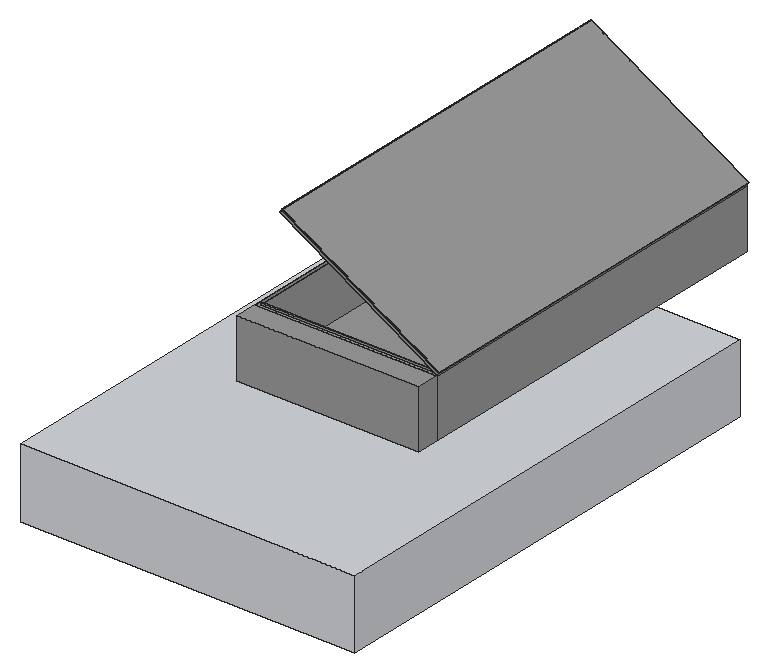
Revit family "Hager-Univers-IP55-D275-H1800-Cl.I-Steel_encl-NL-en", category Equipement électrique, Revit 2020
Family settings
  Hôte = Face
  Configuration du panneau = Deux colonnes, circuits au sein
  Cote de connecteur circulaire = Utiliser le diamètre
  Type d'élément = Tableau de raccordement
  Couper avec des vides une fois chargée = Non
  Partagée = Non
  Point de calcul de pièce = Non
Parameters (values of type "Floor installation IP55 W800 H1800 D275  - FR13E1")
  Width Control [instance] = if([EF000008 - Width] > Min Width, [EF000008 - Width], Min Width)  # 800 mm
  Commentaires du type = [HG000003 - Range]  # "Univers"
  Thickness Door [instance] = if([EF009171 - Material plate thickness door/cover] > 3 mm, 3 mm, [EF009171 - Material plate thickness door/cover])  # 1.5 mm
  Seal Frame Offset [instance] = 17 mm  # constant formula
  Plinth Visibility [instance] = [HG000027 - Plinth height] > 0 mm  # yes
  Model = ""
  Min Width [instance] = 100 mm  # constant formula
  Min Height [instance] = 100 mm  # constant formula
  Min Depth [instance] = (2 * [EF009170 - Material plate thickness cabinet]) + 1 mm  # 4 mm
  Internal Frame Depth [instance] = (Door System Depth * 0.5)  # 9 mm
  Height Control [instance] = if([EF000040 - Height] > Min Height, [EF000040 - Height], Min Height)  # 1800 mm
  HG000027 - Plinth height = 100 mm
  HG000026 - Floor standing = yes
  HG000024 - Bottom section height = 800 mm
  HG000023 - Double section enclosure = no
  HG000016 - Door 3d visibility [instance] = yes
  HG000015 - Clearance visibility [instance] = no
  HG000014 - Door on the right [instance] = yes
  HG000013 - Door on the left [instance] = not([HG000014 - Door on the right])  # no
  HG000012 - Door swing angle [instance] = 30.00°
  HG000010 - Asymmetric doors = no
  HG000009 - Double swing door = no
  HG000006 - Flush mounted = no
  HG000004 - Manufacturer reference = "FR13E1"
  HG000003 - Range = "Univers"
  HG000002 - With door or cover = yes
  Frame Offset Bottom [instance] = 10 mm  # constant formula
  Frame Offset [instance] = 15 mm  # constant formula
  EF015940 - Cover with overpressure release = no
  EF011959 - Degree of protection (NEMA) = ""
  EF009554 - Number of openings for flange plates = 6
  EF009212 - Cover model = "EV000116 - Closed"
  EF009171 - Material plate thickness door/cover = 1.5 mm
  EF009170 - Material plate thickness cabinet = 1.5 mm
  Fabricant = "Hager"  # constant formula
  EF008873 - Nominal current (In) = 800 A
  EF007800 - Suitable for lightning protection = no
  EF006306 - With lock = no
  EF006244 - Transparent cover/door = no
  EF005474 - Degree of protection (IP) = "EV006420 - IP55"
  EF004464 - Type of door = "EV002646 - Single"
  EF004427 - Number of modules = 396
  EF004293 - Impact strength = "EV008784 - IK10"
  EF003532 - Suitable for outdoor use = no
  EF002950 - Width in number of modular spacings = 24
  EF001613 - Circuit integrity = "EV000494 - None"
  EF001596 - Material housing = "EV000179 - Steel"
  EF001131 - Internal depth = 275 mm
  EF001088 - Extension possible = yes
  EF000437 - Number of conduit inlets = 6
  EF000339 - Type of cover = "EV004216 - Door"
  EF000266 - Number of rows = 11
  EF000218 - Built-in depth = 0 mm
  EF000118 - With mounting plate = no
  EF000116 - RAL-number = "7035"
  EF000049 - Depth = 275 mm
  EF000040 - Height = 1800 mm
  EF000008 - Width = 800 mm
  EF000007 - Colour = "EV000270 - Grey"
  EF000003 - Mounting method = "EV012274 - Floor installation"
  Door System Leaf Tolerance [instance] = 1.5 mm  # constant formula
  Door System Depth [instance] = 18 mm  # constant formula
  Door Height [instance] = Height Control - [HG000027 - Plinth height]  # 1700 mm
  Depth Control [instance] = if([EF000049 - Depth] > Min Depth, [EF000049 - Depth], Min Depth)  # 275 mm
  Default Elevation = 0 mm
  Connector Offset [instance] = Height Control / 2  # 900 mm
  Bottom Top Plate Trim [instance] = 1.5 mm  # constant formula
  Plinth height Ctrl [instance] = if([HG000027 - Plinth height] > 0 mm, [HG000027 - Plinth height], 12 mm)  # 100 mm
Types (5, lengths in mm): name | Width Control | HG000010 - Asymmetric doors | HG000009 - Double swing door | HG000004 - Manufacturer reference | EF009554 - Number of openings for flange plates | EF004464 - Type of door | EF004427 - Number of modules | EF000437 - Number of conduit inlets | EF000008 - Width
  Floor installation IP55 W1050 H1800 D275  - FR14E1 | 1050 | yes | yes | "FR14E1" | 8 | "EV003602 - Double" | 528 | 8 | 1050
  Floor installation IP55 W1300 H1800 D275  - FR15E1 | 1300 | yes | yes | "FR15E1" | 10 | "EV003602 - Double" | 660 | 10 | 1300
  Floor installation IP55 W300 H1800 D275  - FR11E1 | 300 | no | no | "FR11E1" | 2 | "EV002646 - Single" | 132 | 2 | 300
  Floor installation IP55 W550 H1800 D275  - FR12E1 | 550 | no | no | "FR12E1" | 4 | "EV002646 - Single" | 264 | 4 | 550
  Floor installation IP55 W800 H1800 D275  - FR13E1 | 800 | no | no | "FR13E1" | 6 | "EV002646 - Single" | 396 | 6 | 800
Reference planes
  plane 1 "Center (Front/Back)": y = 0
  plane 2: z = 0
  plane 3 "Center (Left/Right)": x = 0
  plane 4: z = 275
  plane 5: y = 101.5
  plane 6: y = 950
  plane 7: y = 100
  plane 8: y = 1800
  plane 9: z = 0
  plane 10: x = -385
  plane 11: x = 385
  plane 12: x = 383.5
  plane 13: x = -383.5
  plane 14: y = 1798.5
  plane 15: x = -383
  plane 16: x = -400
  plane 17: x = 383
  plane 18: x = 400
  plane 19: x = 398.5
  plane 20: x = -398.5
  plane 21: y = 111.5
  plane 22: y = 1800
  plane 23: y = 1783.5
  plane 24: z = 257
  plane 25: z = 1.5
  plane 26: z = 255.5
  plane 27: z = 273.5
Forms (mm)
  Extrusion 1, solid
    sketch origin (0, 0, 0) x (1, 0, 0) y (0, 1, 0)
      loop
        line (-702.964, 1305) -> (-702.964, -811.445) -> (766.763, -811.445) -> (766.763, 1305) -> (-702.964, 1305)
    from 0 to -304.8
  Extrusion 2, solid, material "Hager_Steel_RAL7035_Light_Grey", visible <- "Plinth Visibility", detail levels medium+fine
    sketch origin (0, 0, 0) x (1, 0, 0) y (0, 1, 0)
      loop
        line (-400, 0) -> (400, 0) -> (400, 100) -> (-400, 100) -> (-400, 0)
    from 0 to 257
  Extrusion 3, solid, material "Hager_Steel_RAL7035_Light_Grey", detail levels medium+fine
    sketch origin (0, 0, 0) x (1, 0, 0) y (0, 1, 0)
      loop
        line (-400, 100) -> (400, 100) -> (400, 1800) -> (-400, 1800) -> (-400, 100)
    from 0 to 257
  Extrusion 4, void
    sketch origin (0, 0, 0) x (1, 0, 0) y (0, 1, 0)
      loop
        line (-398.5, 101.5) -> (398.5, 101.5) -> (398.5, 1798.5) -> (-398.5, 1798.5) -> (-398.5, 101.5)
    from 1.5 to 255.5
  Extrusion 5, void
    sketch origin (-381.607, -4572, 257) x (0, -1, 0) y (-1, 0, 0)
      loop
        line (-4683.5, 1.893) -> (-6355.5, 1.893) -> (-6355.5, -765.107) -> (-4683.5, -765.107) -> (-4683.5, 1.893)
    from 0 to 1.5 <- "EF009170 - Material plate thickness cabinet"
  Extrusion 6, solid, material "Hager_Steel_RAL7035_Light_Grey", detail levels fine
    sketch origin (0, 0, 257) x (1, 0, 0) y (0, 1, 0)
      loop
        line (-383.5, 1783.5) -> (-383.5, 111.5) -> (383.5, 111.5) -> (383.5, 1783.5) -> (-383.5, 1783.5)
      loop
        line (-385, 110) -> (385, 110) -> (385, 1785) -> (-385, 1785) -> (-385, 110)
    from 0 to 9 <- "Internal Frame Depth"
  Extrusion 7, solid, material "Hager_Steel_RAL7035_Light_Grey", detail levels coarse
    sketch origin (0, 0, 0) x (1, 0, 0) y (0, 1, 0)
      loop
        line (-400, 0) -> (400, 0) -> (400, 1800) -> (-400, 1800) -> (-400, 0)
    from 0 to 275
  Sweep 8, void
    path in 3D
      loop
        line (-400, 100, 0) -> (400, 100, 0) -> (400, 100, 257) -> (-400, 100, 257) -> (-400, 100, 0)
    profile origin (-400, 100, 128.5) x (-1, 0, 0) y (0, -1, 0)
      loop
        line (0, 0) -> (0, 1.5) -> (-1.5, 1.5)
        arc (-1.5, 1.5) -> (-1.061, 0.439) -> (0, 0) r 1.5
Cuts and joins
  Extrusion 4, Extrusion 5 cuts Extrusion 3
  Sweep 8 cuts Extrusion 2
Lines and regions (mm)
  Masking region 1
    outline origin (0, 0, 0) x (1, 0, 0) y (0, 0, 1)
      loop
        line (-400, 275) -> (-400, 0) -> (400, 0) -> (400, 275) -> (-400, 275)
  Masking region 2, detail levels medium+fine
    outline origin (0, 140, 0) x (0, 1, 0) y (0, 0, 1)
      loop
        line (-40, 0) -> (1660, 0) -> (1660, 257) -> (-40, 257) -> (-40, 0)
  Masking region 3, not visible, detail levels medium+fine
    outline origin (0, 297.922, 0) x (0, 1, 0) y (0, 0, 1)
      loop
        line (663.578, 0) -> (703.578, 0) -> (703.578, 263.5)
        arc (703.578, 263.5) -> (700.649, 270.571) -> (693.578, 273.5) r 10
        line (693.578, 273.5) -> (663.578, 273.5) -> (663.578, 0)
  Masking region 4, detail levels coarse
    outline origin (0, 0, 180) x (0, 1, 0) y (0, 0, 1)
      loop
        line (0, -180) -> (1800, -180) -> (1800, 95) -> (0, 95) -> (0, -180)
  Masking region 5, visible <- "Plinth Visibility", detail levels medium+fine
    outline origin (0, 52.24, 12.345) x (0, 0, -1) y (0, 1, 0)
      loop
        line (10.845, 47.76) -> (-243.155, 47.76)
        arc (-243.155, 47.76) -> (-243.594, 46.699) -> (-244.655, 46.26) r 1.5
        line (-244.655, 46.26) -> (-244.655, -52.24) -> (12.345, -52.24) -> (12.345, 46.26)
        arc (12.345, 46.26) -> (11.285, 46.699) -> (10.845, 47.76) r 1.5
  Masking region 6, detail levels medium+fine
    outline origin (-381.607, -4572, 257) x (-1, 0, 0) y (0, -1, 0)
      loop
        line (18.393, -6372) -> (18.393, -4672) -> (-781.607, -4672) -> (-781.607, -6372) -> (18.393, -6372)
  Masking region 7, visible <- "Plinth Visibility", detail levels medium+fine
    outline origin (-381.607, -4727, 257) x (-1, 0, 0) y (0, -1, 0)
      loop
        arc (16.893, -4827) -> (17.332, -4825.939) -> (18.393, -4825.5) r 1.5
        line (18.393, -4825.5) -> (18.393, -4727) -> (-781.607, -4727) -> (-781.607, -4825.5)
        arc (-781.607, -4825.5) -> (-780.546, -4825.939) -> (-780.107, -4827) r 1.5
        line (-780.107, -4827) -> (16.893, -4827)
  Masking region 8, detail levels coarse
    outline origin (-442.548, -4669.526, 257) x (-1, 0, 0) y (0, -1, 0)
      loop
        line (-42.548, -6469.526) -> (-42.548, -4669.526) -> (-842.548, -4669.526) -> (-842.548, -6469.526) -> (-42.548, -6469.526)
  sketch lines
    curve 1: line (-400, 100, 257) -> (-400, 100, 0)
    curve 2: line (400, 100, 257) -> (-400, 100, 257)
    curve 3: line (400, 100, 257) -> (400, 100, 0)
    curve 4: line (-400, 100, 0) -> (400, 100, 0)
Dimensions and locks
  "Depth Control": plane 4 to Extrusion 1
  "HG000027 - Plinth height": plane 1 "Center (Front/Back)" to plane 7
  "EF009170 - Material plate thickness cabinet": plane 5 to plane 7
  locked: connector elem to plane 3 "Center (Left/Right)"
  equal spacing: plane 8, plane 6, plane 7
  locked: connector elem to plane 6
  "EF009170 - Material plate thickness cabinet": plane 8 to plane 14
  "EF009170 - Material plate thickness cabinet": plane 10 to plane 13
  "EF009170 - Material plate thickness cabinet": plane 12 to plane 11
  "Frame Offset": plane 20 to plane 13
  "Frame Offset": plane 12 to plane 19
  "EF009170 - Material plate thickness cabinet": plane 16 to plane 20
  "EF009170 - Material plate thickness cabinet": plane 19 to plane 18
  "Seal Frame Offset": plane 16 to plane 15
  "Seal Frame Offset": plane 17 to plane 18
  "Frame Offset Bottom": plane 21 to plane 5
  "Frame Offset": plane 14 to plane 23
  equal spacing: plane 16, plane 3 "Center (Left/Right)", plane 18
  "Width Control": plane 16 to plane 18
  "EF009170 - Material plate thickness cabinet": plane 4 to plane 27
  "EF009170 - Material plate thickness cabinet": plane 24 to plane 26
  "EF009170 - Material plate thickness cabinet": plane 25 to level
  "Door System Depth": plane 4 to plane 24
  "Height Control": plane 1 "Center (Front/Back)" to Extrusion 7 sketch curve
  "Height Control": Masking region 4 sketch curve to plane 1 "Center (Front/Back)"
  "Height Control": plane 1 "Center (Front/Back)" to plane 22
  "Bottom Top Plate Trim": profile plane to Sweep 8 sketch curve
  "Bottom Top Plate Trim": Sweep 8 sketch curve to profile plane
  "Plinth height Ctrl": plane 1 "Center (Front/Back)" to Extrusion 2 sketch curve
  "Plinth height Ctrl": Masking region 5 sketch curve to plane 1 "Center (Front/Back)"
  "Plinth height Ctrl": plane 1 "Center (Front/Back)" to Masking region 7 sketch curve
  "Thickness Door": Extrusion 6 sketch curve to Extrusion 6 sketch curve  (x3)
  "Thickness Door": cut or joined group of Extrusion 3, Extrusion 4, Extrusion 5 to Extrusion 6 sketch curve
  radius of Masking region 3 sketch curve = 10 mm
  "Bottom Top Plate Trim": radius of Masking region 5 sketch curve  (x2)
  "Bottom Top Plate Trim": radius of Sweep 8 sketch curve
  "Bottom Top Plate Trim": radius of Masking region 7 sketch curve  (x2)
  aligned and locked: plane 2 to Extrusion 1
  aligned and locked: level to Extrusion 1
  aligned and locked: level to Masking region 1 sketch curve
  aligned and locked: Masking region 1 sketch curve to plane 18
  aligned and locked: Masking region 1 sketch curve to plane 16
  aligned and locked: plane 7 to Masking region 2 sketch curve
  aligned and locked: level to Masking region 3 sketch curve
  aligned and locked: Masking region 3 sketch curve to plane 27
  aligned and locked: level to Masking region 2 sketch curve
  aligned and locked: plane 1 "Center (Front/Back)" to Extrusion 2 sketch curve
  aligned and locked: Extrusion 3 sketch curve to plane 7
  aligned and locked: plane 16 to Extrusion 3 sketch curve
  aligned and locked: plane 18 to Extrusion 3 sketch curve
  aligned and locked: plane 20 to Extrusion 4 sketch curve
  aligned and locked: plane 19 to Extrusion 4 sketch curve
  aligned and locked: Extrusion 4 sketch curve to plane 5
  aligned and locked: Extrusion 4 to plane 25
  aligned and locked: plane 26 to Extrusion 4
  aligned and locked: plane 24 to Extrusion 3
  aligned and locked: Extrusion 5 sketch curve to plane 21
  aligned and locked: Extrusion 5 sketch curve to plane 13
  aligned and locked: Extrusion 5 sketch curve to plane 12
  aligned and locked: plane 18 to Extrusion 7 sketch curve
  aligned and locked: plane 1 "Center (Front/Back)" to Extrusion 7 sketch curve
  aligned and locked: plane 16 to Extrusion 7 sketch curve
  aligned and locked: plane 4 to Extrusion 7
  aligned and locked: Extrusion 7 to level
  aligned and locked: level to Masking region 4 sketch curve
  aligned and locked: Masking region 4 sketch curve to plane 1 "Center (Front/Back)"
  aligned and locked: Masking region 4 sketch curve to plane 4
  aligned and locked: nested 1 to level
  aligned and locked: nested 1 to plane 16
  aligned and locked: plane 8 to Extrusion 3 sketch curve
  aligned and locked: plane 23 to Extrusion 5 sketch curve
  aligned and locked: plane 14 to Extrusion 4 sketch curve
  aligned and locked: Masking region 2 sketch curve to plane 8
  aligned and locked: level to Masking region 5 sketch curve
  aligned and locked: plane 16 to Extrusion 2 sketch curve
  aligned and locked: plane 18 to Extrusion 2 sketch curve
  aligned and locked: Masking region 5 sketch curve to plane 24
  aligned and locked: Masking region 2 sketch curve to plane 24
  aligned and locked: plane 24 to Extrusion 2
  aligned and locked: profile plane to Sweep 8 sketch curve  (x2)
  aligned and locked: Masking region 6 sketch curve to plane 18
  aligned and locked: Masking region 6 sketch curve to plane 22
  aligned and locked: Masking region 6 sketch curve to plane 16
  aligned and locked: plane 8 to plane 22
  aligned and locked: Masking region 6 sketch curve to plane 7
  aligned and locked: Masking region 7 sketch curve to plane 16
  aligned and locked: Masking region 7 sketch curve to plane 1 "Center (Front/Back)"
  aligned and locked: Masking region 7 sketch curve to plane 18
  aligned and locked: Masking region 8 sketch curve to plane 1 "Center (Front/Back)"
  aligned and locked: Masking region 8 sketch curve to plane 18
  aligned and locked: Masking region 8 sketch curve to plane 22
  aligned and locked: Masking region 8 sketch curve to plane 16
  aligned and locked: nested 2 to plane 7
  aligned and locked: plane 3 "Center (Left/Right)" to nested 2
  aligned and locked: nested 2 to plane 24
  aligned and locked: Extrusion 6 sketch curve to cut or joined group of Extrusion 3, Extrusion 4, Extrusion 5  (x4)
Automatic sketch dimensions
  Extrusion 1 sketch curve to Extrusion 1 sketch curve = 1469.727 mm
  Extrusion 1 sketch curve to Extrusion 1 sketch curve = 2116.445 mm
  Masking region 1 sketch curve to plane 4 = 0 mm
  plane 6 to Masking region 3 sketch curve = 11.5 mm
  Masking region 3 sketch curve to Masking region 3 sketch curve = 30 mm
  Masking region 5 sketch curve to plane 1 "Center (Front/Back)" = 0 mm
Nested families
  nested 1: "Hager_Enclosure_Symbol" at (-400, 0, 0) x (1, 0, 0) z (0, -1, 0), Height <- "Depth Control", Width <- "Width Control", type "Hager_Enclosure_Symbol"
    with Width_Ctrl 800 mm, Width 800 mm, Height_Ctrl 275 mm, Height 275 mm, A_Width_Int 18.047 mm, A_Width 216.562 mm, A_Height_Ctrl 240.625 mm, A_Height 240.625 mm
  nested 2: "EC000058_Univers_Door" at (0, 100, 257) x (1, 0, 0) z (0, 1, 0), Leaf_Tolerance <- "Door System Leaf Tolerance", Angle <- "HG000012 - Door swing angle", Door_Depth <- "Door System Depth", Door_Left <- "HG000013 - Door on the left", Transparent <- "EF006244 - Transparent cover/door", Assymetrical <- "HG000010 - Asymmetric doors", Width <- "Width Control", Clearance <- "HG000015 - Clearance visibility", Double <- "HG000009 - Double swing door", 3d_Door <- "HG000016 - Door 3d visibility", Lock_Visibility <- "EF006306 - With lock", Width_Ctrl <- "Width Control", Door_Right <- "HG000014 - Door on the right", Door <- "HG000002 - With door or cover", Height <- "Door Height", Thickness <- "Thickness Door", type "EC000058_Univers_Door", detail levels medium+fine
    with min_wh 4 mm, Width_Ctrl 800 mm, Width 800 mm, Transparent no, Thickness 1.5 mm, Seal_Material Hager_Rubber, Lock_Visibility no, Lock_Material Hager_Plastic_RAL9005_Jet_Black, Leaf_Width 800 mm, Leaf_Tolerance_External_Sides 0 mm, Leaf_Tolerance 1.5 mm, Leaf_Offset 0 mm, Leaf_Height 1697 mm, Leaf_2_Width 800 mm, Leaf_2_Offset 400 mm, Leaf_1_Width 800 mm, Leaf_1_Offset 400 mm, Height_Ctrl 1700 mm, Height 1700 mm, Glass_Material Hager_Glass, Double_Clearance_Ctrl no, Double no, Door_Right_Ctrl yes, Door_Right yes, Door_Material Hager_Steel_RAL7035_Light_Grey, Door_Left_Ctrl no, Door_Left no, Door_Depth 18 mm, Door yes, Clearance_Material Hager_Clearance, Clearance_Depth 800 mm, Clearance_Ctrl no, Clearance no, Assymetrical no, Angle 30.00°, 3d_Door yes
Connectors
  electrical at (0, 950, 0)
    settings: on plane 9, index 1, voltage 0 V, apparent load 0 VA, apparent load phase1 0 VA, apparent load phase2 0 VA, apparent load phase3 0 VA, power factor 1, load classification "Other", number of poles 1, system type 30, power factor state 1, is connector primary yes, connector utility no, sub classification motor no, connector description ""
Definition of nested family "EC000058_Univers_Door"
  Parameters (values of type "EC000058_Univers_Door")
    min_wh [instance] = (2 * Thickness) + 1 mm  # 11 mm
    Width_Ctrl [instance] = 400 mm
    Width [instance] = 500 mm
    Transparent [instance] = yes
    Thickness [instance] = 5 mm
    Seal_Material [instance] = none
    Lock_Visibility [instance] = yes
    Lock_Material [instance] = none
    Leaf_Width [instance] = if((Width_Ctrl - 2 * Leaf_Tolerance_External_Sides) > 0 mm, (Width_Ctrl - 2 * Leaf_Tolerance_External_Sides), min_wh)  # 400 mm
    Leaf_Tolerance_External_Sides [instance] = 0 mm  # constant formula
    Leaf_Tolerance [instance] = 1.5 mm
    Leaf_Offset [instance] = 0 mm  # constant formula
    Leaf_Height [instance] = if((Height_Ctrl - 2 * Leaf_Tolerance) > 0 mm, (Height_Ctrl - 2 * Leaf_Tolerance), min_wh)  # 497 mm
    Leaf_2_Width [instance] = if(and(and(Double, Assymetrical), Door_Left), (Leaf_Width / 3) - (Leaf_Tolerance / 2), if(and(and(Double, Assymetrical), Door_Right), (Leaf_Width / 3) * 2 - (Leaf_Tolerance / 2), if(and(Double, not(Assymetrical)), (Leaf_Width / 2) - Leaf_Tolerance, Leaf_Width)))  # 400 mm
    Leaf_2_Offset [instance] = if(and(Double, Assymetrical), Leaf_2_Width / 2, if(and(Double, not(Assymetrical)), Leaf_Width / 4, Leaf_Width / 2))  # 200 mm
    Leaf_1_Width [instance] = if(and(and(Double, Assymetrical), Door_Right), (Leaf_Width / 3) - (Leaf_Tolerance / 2), if(and(and(Double, Assymetrical), Door_Left), (Width / 3) * 2 - (Leaf_Tolerance / 2), if(and(Double, not(Assymetrical)), (Leaf_Width / 2) - Leaf_Tolerance, Leaf_Width)))  # 400 mm
    Leaf_1_Offset [instance] = if(and(Double, Assymetrical), Leaf_1_Width / 2, if(and(Double, not(Assymetrical)), Leaf_Width / 4, Leaf_Width / 2))  # 200 mm
    Height_Ctrl [instance] = if(Height > min_wh, Height, min_wh)  # 500 mm
    Height [instance] = 500 mm
    Glass_Material [instance] = none
    Double_Clearance_Ctrl [instance] = and(Double, Clearance)  # no
    Double [instance] = no
    Door_Right_Ctrl [instance] = and(or(Door_Right, Double), Door)  # yes
    Door_Right [instance] = yes
    Door_Material [instance] = none
    Door_Left_Ctrl [instance] = and(or(Door_Left, Double), Door)  # no
    Door_Left [instance] = no
    Door_Depth [instance] = 30 mm
    Door [instance] = yes
    Default Elevation = 1219.2 mm
    Clearance_Material [instance] = none
    Clearance_Depth [instance] = if(Leaf_1_Width > Leaf_2_Width, Leaf_1_Width, Leaf_2_Width)  # 400 mm
    Clearance_Ctrl [instance] = and(not(Double), Clearance)  # yes
    Clearance [instance] = yes
    Assymetrical [instance] = yes
    Angle [instance] = 30.00°
    3d_Door [instance] = yes
  Reference planes
    plane 1 "Center (Front/Back)": y = 0
    plane 2 "Bottom": z = 0
    plane 3 "Center (Left/Right)": x = 0
    plane 4: z = 500
    plane 5: x = -200
    plane 6: x = 200
    plane 7: z = 500
    plane 8: x = -200
    plane 9: z = 0
    plane 10: x = 200
    plane 11: y = 0
    plane 12: z = 1.5
    plane 13: x = -600
    plane 14: y = -400
    plane 15: x = 600
    plane 16: x = 0
    plane 17: x = 0
    plane 18: x = -200
    plane 19: x = 200
    plane 20: z = 498.5
  Forms (mm)
    Extrusion 1, solid, material <- "Clearance_Material", visible <- "Double_Clearance_Ctrl"
      sketch origin (1200, 0, 0) x (1, 0, 0) y (0, 0, -1)
        loop
          line (-1800, -498.5) -> (-600, -498.5) -> (-600, 0) -> (-1800, 0) -> (-1800, -498.5)
      from 0 to -400
  Dimensions and locks
    equal spacing: plane 5, plane 3 "Center (Left/Right)", plane 6
    "Width_Ctrl": plane 5 to plane 6
    "Leaf_Offset": plane 5 to plane 8
    "Leaf_Offset": plane 6 to plane 10
    "Leaf_Offset": plane 9 to level
    "Leaf_Offset": plane 4 to plane 7
    "Height_Ctrl": plane 4 to level
    "Leaf_Tolerance": plane 12 to plane 9
    locked: plane 11 to plane 1 "Center (Front/Back)"
    "Leaf_1_Offset": plane 18 to plane 16
    "Leaf_2_Offset": plane 17 to plane 19
    "Leaf_1_Width": plane 13 to plane 8
    "Leaf_2_Width": plane 10 to plane 15
    "Clearance_Depth": plane 14 to plane 1 "Center (Front/Back)"
    "Leaf_Tolerance_External_Sides": plane 8 to plane 18
    "Leaf_Tolerance_External_Sides": plane 19 to plane 10
    "Leaf_Tolerance": plane 7 to plane 20
    aligned and locked: level to plane 2 "Bottom"
    aligned and locked: nested 1 to plane 16
    aligned and locked: nested 2 to plane 17
    aligned and locked: Extrusion 1 to plane 13
    aligned and locked: plane 15 to Extrusion 1
    aligned and locked: Extrusion 1 to plane 14
    aligned and locked: plane 12 to nested 1
    aligned and locked: nested 2 to plane 12
    aligned and locked: Extrusion 1 to plane 11
    aligned and locked: plane 20 to Extrusion 1
    aligned and locked: nested 2 to plane 11
    aligned and locked: nested 1 to plane 11
  Automatic sketch dimensions
    Extrusion 1 sketch curve to level = 0 mm
    plane 5 to Extrusion 1 sketch curve = 400 mm
    plane 6 to Extrusion 1 sketch curve = 400 mm
    Extrusion 1 sketch curve to plane 4 = 1.5 mm
  Nested families
    nested 1: "EC000058_Univers_Door_Leaf" at (0, 0, 1.5), Width <- "Leaf_1_Width", visible <- "Door_Left_Ctrl", Leaf_Height <- "Leaf_Height", Angle <- "Angle", 3d_Door <- "3d_Door", Transparent <- "Transparent", Clearance Material <- "Clearance_Material", Clearance <- "Clearance_Ctrl", Door_Material <- "Door_Material", Glass_Material <- "Glass_Material", Door_Depth <- "Door_Depth", Lock_Material <- "Lock_Material", Seal_Material <- "Seal_Material", Lock_Visibility <- "Lock_Visibility", Thickness <- "Thickness", type "EC000058_Univers_Door_Leaf"
      with Width 400 mm, Transparent_Glass_Offset 30 mm, Transparent_Ctrl yes, Transparent yes, Thickness 5 mm, Standard no, Seal_Material none, Seal_D2 8 mm, Seal_D1 1 mm, Offset_Internal_Frame 10 mm, Lock_Width 20 mm, Lock_Visibility_3d yes, Lock_Visibility yes, Lock_Thickness_3 3 mm, Lock_Thickness_2 1 mm, Lock_Thickness_1 3 mm, Lock_Radius_Offset_2 16 mm, Lock_Radius_Offset_1 15 mm, Lock_Radius_2 5 mm, Lock_Radius 6 mm, Lock_Offset 5 mm, Lock_Material none, Lock_Height 80 mm, Lock_Cover_Top_Offset_2d 17 mm, Lock_Cover_Height -65 mm, Leaf_Height 497 mm, Internal_Seal_Thickness 8 mm, Internal_Seal_Depth_2 4.5 mm, Internal_Frame_Depth 25 mm, Glass_Thickness -1 mm, Glass_Offset -2 mm, Glass_Material none, Door_Material none, Door_Depth 30 mm, Clearance Material none, Clearance yes, Angle_Ctrl 30.00°, Angle 30.00°, 3d_Door yes
    nested 2: "EC000058_Univers_Door_Leaf" at (0, 0, 1.5) x (-1, 0, 0) z (0, 0, 1), Width <- "Leaf_2_Width", visible <- "Door_Right_Ctrl", Leaf_Height <- "Leaf_Height", Angle <- "Angle", 3d_Door <- "3d_Door", Transparent <- "Transparent", Clearance Material <- "Clearance_Material", Clearance <- "Clearance_Ctrl", Door_Material <- "Door_Material", Glass_Material <- "Glass_Material", Door_Depth <- "Door_Depth", Lock_Material <- "Lock_Material", Seal_Material <- "Seal_Material", Lock_Visibility <- "Lock_Visibility", Thickness <- "Thickness", type "EC000058_Univers_Door_Leaf"
      with Width 400 mm, Transparent_Glass_Offset 30 mm, Transparent_Ctrl yes, Transparent yes, Thickness 5 mm, Standard no, Seal_Material none, Seal_D2 8 mm, Seal_D1 1 mm, Offset_Internal_Frame 10 mm, Lock_Width 20 mm, Lock_Visibility_3d yes, Lock_Visibility yes, Lock_Thickness_3 3 mm, Lock_Thickness_2 1 mm, Lock_Thickness_1 3 mm, Lock_Radius_Offset_2 16 mm, Lock_Radius_Offset_1 15 mm, Lock_Radius_2 5 mm, Lock_Radius 6 mm, Lock_Offset 5 mm, Lock_Material none, Lock_Height 80 mm, Lock_Cover_Top_Offset_2d 17 mm, Lock_Cover_Height -65 mm, Leaf_Height 497 mm, Internal_Seal_Thickness 8 mm, Internal_Seal_Depth_2 4.5 mm, Internal_Frame_Depth 25 mm, Glass_Thickness -1 mm, Glass_Offset -2 mm, Glass_Material none, Door_Material none, Door_Depth 30 mm, Clearance Material none, Clearance yes, Angle_Ctrl 30.00°, Angle 30.00°, 3d_Door yes
  Definition of nested family "EC000058_Univers_Door_Leaf"
    Parameters (values of type "EC000058_Univers_Door_Leaf")
      Width [instance] = 2000 mm
      Transparent_Glass_Offset [instance] = 30 mm
      Transparent_Ctrl [instance] = and(Transparent, [3d_Door])  # yes
      Transparent [instance] = yes
      Thickness [instance] = 5 mm
      Standard [instance] = and(not(Transparent), [3d_Door])  # no
      Seal_Material [instance] = none
      Seal_D2 [instance] = 8 mm  # constant formula
      Seal_D1 [instance] = 1 mm  # constant formula
      Offset_Internal_Frame [instance] = 10 mm  # constant formula
      Lock_Width [instance] = 20 mm  # constant formula
      Lock_Visibility_3d [instance] = and(Lock_Visibility, [3d_Door])  # yes
      Lock_Visibility [instance] = yes
      Lock_Thickness_3 [instance] = 3 mm  # constant formula
      Lock_Thickness_2 [instance] = 1 mm  # constant formula
      Lock_Thickness_1 [instance] = 3 mm  # constant formula
      Lock_Radius_Offset_2 [instance] = Lock_Radius_Offset_1 + 1 mm  # 16 mm
      Lock_Radius_Offset_1 [instance] = 15 mm  # constant formula
      Lock_Radius_2 [instance] = Lock_Radius - 1 mm  # 5 mm
      Lock_Radius [instance] = 6 mm  # constant formula
      Lock_Offset [instance] = 5 mm  # constant formula
      Lock_Material [instance] = none
      Lock_Height [instance] = 80 mm  # constant formula
      Lock_Cover_Top_Offset_2d [instance] = Lock_Radius_Offset_2 + 1 mm  # 17 mm
      Lock_Cover_Height [instance] = -(Lock_Height - Lock_Radius_Offset_1)  # -65 mm
      Leaf_Height [instance] = 2720.336 mm
      Internal_Seal_Thickness [instance] = 8 mm  # constant formula
      Internal_Seal_Depth_2 [instance] = 4.5 mm  # constant formula
      Internal_Frame_Depth [instance] = if(Door_Depth - Thickness > 5 mm, Door_Depth - Thickness, 5 mm)  # 25 mm
      Glass_Thickness [instance] = if(Thickness > 15 mm, Glass_Offset + 10 mm, -1 mm)  # -1 mm
      Glass_Offset [instance] = if(Thickness > 15 mm, -(Thickness + 10 mm) / 2, -2 mm)  # -2 mm
      Glass_Material [instance] = none
      Door_Material [instance] = none
      Door_Depth [instance] = 30 mm
      Default Elevation = 0 mm
      Clearance Material [instance] = none
      Clearance [instance] = yes
      Angle_Ctrl [instance] = if(Angle > 180.00°, 180.00°, Angle)  # 90.00°
      Angle [instance] = 90.00°
      3d_Door [instance] = yes
    Reference planes
      plane 1 "Center (Front/Back)": y = 0
      plane 2: z = 0
      plane 3 "Center (Left/Right)": x = 0
      plane 4: y = 2000
      plane 5: x = -1000
      plane 6: x = 1000
      plane 7: x = -3000
      plane 8: z = 2720.336
      plane 9: z = 30
      plane 10: z = 2690.336
      plane 11: x = 970
      plane 12: x = -970
      plane 13: y = -3
      plane 14: z = 107.833
      plane 15: y = -5
      plane 16: y = -223.314
      plane 17: x = -1000
      plane 18: z = 1360.168
      plane 19: y = 30
    Forms (mm)
      Extrusion 1, solid, material <- "Clearance Material", visible <- "Clearance"
        sketch origin (0, 0, 0) x (1, 0, 0) y (0, 0, 1)
          loop
            line (-3000, 2720.336) -> (-3000, 0) -> (1000, 0) -> (1000, 2720.336) -> (-3000, 2720.336)
        from 0 to -2000
      Extrusion 2, solid, material <- "Door_Material", visible <- "Standard", detail levels medium+fine
        sketch origin (-1000, 0, 0) x (0, 1, 0) y (-1, 0, 0)
          loop
            line (0, 30) -> (0, 25) -> (2000, 25) -> (2000, 30) -> (0, 30)
        from 0 to 2720.336 <- "Leaf_Height"
      Extrusion 3, solid, material <- "Door_Material", visible <- "Transparent_Ctrl", detail levels medium+fine
        sketch origin (-1000, 0, 0) x (0, 1, 0) y (-1, 0, 0)
          loop
            line (0, 25) -> (2000, 25) -> (2000, 30) -> (0, 30) -> (0, 25)
        from 0 to 2720.336 <- "Leaf_Height"
      Extrusion 4, void
        sketch origin (-1025, 2000, 0) x (0, 1, 0) y (0, 0, -1)
          loop
            line (-30, -2690.336) -> (-30, -30) -> (-1970, -30) -> (-1970, -2690.336) -> (-30, -2690.336)
        from 0 to 5 <- "Thickness"
      Sweep 5, solid, material <- "Seal_Material", visible <- "Transparent_Ctrl", detail levels fine
        path in 3D
          loop
            line (-1025, 30, 30) -> (-1025, 30, 2690.336) -> (-1025, 1970, 2690.336) -> (-1025, 1970, 30) -> (-1025, 30, 30)
        profile origin (-1025, 1000, 30) x (1, 0, 0) y (0, 0, 1)
          loop
            line (0, 0) -> (0, -8) -> (1, -8) -> (1, 0) -> (0, 0)
      Extrusion 6, solid, material <- "Glass_Material", visible <- "Transparent_Ctrl", detail levels medium+fine
        sketch origin (-1030, 0, 0) x (0, 1, 0) y (0, 0, -1)
          loop
            line (1970, -2690.336) -> (1970, -30) -> (30, -30) -> (30, -2690.336) -> (1970, -2690.336)
        from -2 <- "Glass_Offset" to -1 <- "Glass_Thickness"
      Extrusion 7, solid, material <- "Door_Material", visible <- "3d_Door", detail levels medium+fine
        sketch origin (-1025, 2000, 0) x (0, -1, 0) y (0, 0, -1)
          loop
            line (0, -2720.336) -> (2000, -2720.336) -> (2000, 0) -> (0, 0) -> (0, -2720.336)
          loop
            line (1995, -5) -> (5, -5) -> (5, -2715.336) -> (1995, -2715.336) -> (1995, -5)
        from 0 to 25 <- "Internal_Frame_Depth"
      Sweep 8, solid, material <- "Seal_Material", visible <- "Transparent_Ctrl", detail levels fine
        path in 3D
          loop
            line (-1025, 0, 0) -> (-1025, 2000, 0) -> (-1025, 2000, 2720.336) -> (-1025, 0, 2720.336) -> (-1025, 0, 0)
        profile origin (-1025, 0, 1360.168) x (1, 0, 0) y (0, 1, 0)
          loop
            line (0, 10) -> (2.975, 10)
            arc (2.975, 10) -> (4.053, 10.447) -> (4.5, 11.525) r 1.525
            line (4.5, 11.525) -> (4.5, 16.527)
            arc (4.5, 16.527) -> (4.069, 17.569) -> (3.027, 18) r 1.473
            line (3.027, 18) -> (0, 18) -> (0, 10)
      Extrusion 9, solid, material <- "Lock_Material", visible <- "Lock_Visibility_3d", detail levels fine
        sketch origin (-1030, 0, 0) x (0, 1, 0) y (0, 0, -1)
          loop
            arc (1993.5, -1400.168) -> (1994.561, -1399.729) -> (1995, -1398.668) r 1.5
            line (1995, -1398.668) -> (1995, -1320.168) -> (1975, -1320.168) -> (1975, -1398.668)
            arc (1975, -1398.668) -> (1975.439, -1399.729) -> (1976.5, -1400.168) r 1.5
            line (1976.5, -1400.168) -> (1993.5, -1400.168)
        from 3 <- "Lock_Thickness_1" to 0
      Blend 10, solid, material <- "Lock_Material", visible <- "Lock_Visibility_3d", detail levels fine
        base sketch origin (-1033, 0, 0) x (0, 1, 0) y (0, 0, -1)
          loop
            line (1975, -1320.168) -> (1975, -1398.668)
            arc (1975, -1398.668) -> (1975.439, -1399.729) -> (1976.5, -1400.168) r 1.5
            line (1976.5, -1400.168) -> (1993.5, -1400.168)
            arc (1993.5, -1400.168) -> (1994.561, -1399.729) -> (1995, -1398.668) r 1.5
            line (1995, -1398.668) -> (1995, -1320.168) -> (1975, -1320.168)
        top sketch origin (-1033, 0, 0) x (0, 1, 0) y (0, 0, -1)
          loop
            line (1976, -1320.168) -> (1976, -1398.668)
            arc (1976, -1398.668) -> (1976.146, -1399.022) -> (1976.5, -1399.168) r 0.5
            line (1976.5, -1399.168) -> (1993.5, -1399.168)
            arc (1993.5, -1399.168) -> (1993.854, -1399.022) -> (1994, -1398.668) r 0.5
            line (1994, -1398.668) -> (1994, -1320.168) -> (1976, -1320.168)
        from 0 to 1 <- "Lock_Thickness_2"
      Blend 11, solid, material <- "Lock_Material", visible <- "Lock_Visibility_3d", detail levels fine
        base sketch origin (-1034, 0, 0) x (0, 1, 0) y (0, 0, -1)
          loop
            line (1978, -1320.168) -> (1978, -1384.168)
            arc (1978, -1384.168) -> (1985, -1391.168) -> (1992, -1384.168) r 7
            line (1992, -1384.168) -> (1992, -1320.168) -> (1978, -1320.168)
        top sketch origin (-1034, 0, 0) x (0, 1, 0) y (0, 0, -1)
          loop
            line (1991, -1320.168) -> (1979, -1320.168) -> (1979, -1383.168)
            arc (1979, -1383.168) -> (1985, -1389.168) -> (1991, -1383.168) r 6
            line (1991, -1383.168) -> (1991, -1320.168)
        from 0 to 3 <- "Lock_Thickness_3"
      Extrusion 12, solid, material <- "Lock_Material", visible <- "Lock_Visibility_3d", detail levels fine
        sketch origin (-1030, 1975, 1320.168) x (1, 0, 0) y (0, -1, 0)
          loop
            line (-7, -19) -> (-7, -1) -> (0, -1) -> (0, 0) -> (-8, 0) -> (-8, -20) -> (0, -20) -> (0, -19) -> (-7, -19)
        from 0 to -65 <- "Lock_Cover_Height"
      Extrusion 13, void
        sketch origin (-1038, 1995, 1320.168) x (-1, 0, 0) y (0, 0, -1)
          loop
            line (-5, -65) -> (0, -65) -> (-5, -60) -> (-5, -65)
        from 0 to 20 <- "Lock_Width"
      Extrusion 14, void
        sketch origin (-1038, 1975, 1320.168) x (0, -1, 0) y (0, 0, -1)
          loop
            circle (-10, -15.995) r 6
          loop
            circle (-10, -15.995) r 5
        from 0 to 2
      Extrusion 15, solid, material <- "Lock_Material", visible <- "Lock_Visibility_3d", detail levels medium
        sketch origin (-1030, 0, 0) x (0, 1, 0) y (0, 0, -1)
          loop
            arc (1993.5, -1400.168) -> (1994.561, -1399.729) -> (1995, -1398.668) r 1.5
            line (1995, -1398.668) -> (1995, -1320.168) -> (1975, -1320.168) -> (1975, -1398.668)
            arc (1975, -1398.668) -> (1975.439, -1399.729) -> (1976.5, -1400.168) r 1.5
            line (1976.5, -1400.168) -> (1993.5, -1400.168)
        from 8 to 0
    Cuts and joins
      Extrusion 4 cuts Extrusion 3
      Extrusion 13, Extrusion 14 cuts Extrusion 9
      Extrusion 14 cuts Blend 11
      Extrusion 13, Extrusion 14 cuts Extrusion 12
      joined: Extrusion 9, Blend 10, Blend 11, Extrusion 12
      Extrusion 14 cuts Extrusion 15
    Lines and regions (mm)
      Masking region 1, visible <- "Lock_Visibility", detail levels fine
        outline origin (0, 0, 0) x (0, 1, 0) y (0, 0, 1)
          loop
            line (30, 1320.168) -> (33, 1320.168) -> (33, 1400.168) -> (30, 1400.168) -> (30, 1320.168)
      Masking region 2, visible <- "Lock_Visibility", detail levels fine
        outline origin (0, 3.143, 0) x (0, 1, 0) y (0, 0, 1)
          loop
            line (29.857, 1354.168) -> (30.857, 1354.168) -> (30.857, 1366.168) -> (29.857, 1366.168) -> (29.857, 1354.168)
      Masking region 3, detail levels medium+fine
        outline origin (0, 0, 0) x (0, 1, 0) y (0, 0, 1)
          loop
            line (0, 0) -> (30, 0) -> (30, 2720.336) -> (0, 2720.336) -> (0, 0)
      Masking region 4, detail levels medium+fine
        outline origin (0, 0, 0) x (1, 0, 0) y (0, 0, 1)
          loop
            line (-1000, 2720.336) -> (-1000, 0) -> (1000, 0) -> (1000, 2720.336) -> (-1000, 2720.336)
      Masking region 5, visible <- "Lock_Visibility", detail levels fine
        outline origin (-47.116, 0, 0) x (1, 0, 0) y (0, 0, 1)
          loop
            arc (1024.616, 1399.168) -> (1023.556, 1398.729) -> (1023.116, 1397.668) r 1.5
            line (1023.116, 1397.668) -> (1023.116, 1320.168) -> (1041.116, 1320.168) -> (1041.116, 1397.668)
            arc (1041.116, 1397.668) -> (1040.677, 1398.729) -> (1039.616, 1399.168) r 1.5
            line (1039.616, 1399.168) -> (1024.616, 1399.168)
      Masking region 6, visible <- "Lock_Visibility", detail levels medium+fine
        outline origin (-25, 0, 0) x (1, 0, 0) y (0, 0, 1)
          loop
            arc (1001.5, 1400.168) -> (1000.439, 1399.729) -> (1000, 1398.668) r 1.5
            line (1000, 1398.668) -> (1000, 1320.168) -> (1020, 1320.168) -> (1020, 1398.668)
            arc (1020, 1398.668) -> (1019.561, 1399.729) -> (1018.5, 1400.168) r 1.5
            line (1018.5, 1400.168) -> (1001.5, 1400.168)
      Masking region 7, visible <- "Lock_Visibility", detail levels fine
        outline origin (-73.735, 0, 0) x (1, 0, 0) y (0, 0, 1)
          loop
            line (1051.735, 1382.168) -> (1065.735, 1382.168) -> (1065.735, 1384.168)
            arc (1065.735, 1384.168) -> (1058.735, 1391.168) -> (1051.735, 1384.168) r 7
            line (1051.735, 1384.168) -> (1051.735, 1382.168)
      Masking region 8, visible <- "Lock_Visibility", detail levels fine
        outline origin (-73.735, 0, 0) x (1, 0, 0) y (0, 0, 1)
          loop
            line (1052.735, 1382.168) -> (1064.735, 1382.168) -> (1064.735, 1383.168)
            arc (1064.735, 1383.168) -> (1058.735, 1389.168) -> (1052.735, 1383.168) r 6
            line (1052.735, 1383.168) -> (1052.735, 1382.168)
      Masking region 9, visible <- "Lock_Visibility", detail levels fine
        outline origin (-25, 0, 0) x (1, 0, 0) y (0, 0, 1)
          loop
            line (1020, 1320.168) -> (1020, 1382.168) -> (1000, 1382.168) -> (1000, 1320.168) -> (1020, 1320.168)
      Masking region 10, detail levels medium+fine
        outline origin (0, 0, 0) x (1, 0, 0) y (0, 0, 1)
          loop
            circle (985, 1335.144) r 6
      Masking region 11, detail levels fine
        outline origin (0, 0, 0) x (1, 0, 0) y (0, 0, 1)
          loop
            circle (985, 1335.144) r 5
      Masking region 12, visible <- "Lock_Visibility", detail levels fine
        outline origin (0, 12.767, 0) x (0, 1, 0) y (0, 0, 1)
          loop
            line (20.233, 1320.168) -> (21.233, 1320.168) -> (21.233, 1399.168) -> (20.233, 1400.168) -> (20.233, 1320.168)
      Masking region 13, visible <- "Lock_Visibility", detail levels fine
        outline origin (0, 13.767, -10) x (0, 1, 0) y (0, 0, 1)
          loop
            line (20.233, 1330.168) -> (23.233, 1330.168) -> (23.233, 1399.168) -> (20.233, 1402.168) -> (20.233, 1330.168)
      Masking region 14, visible <- "Lock_Visibility", detail levels fine
        outline origin (0, 12.767, -10) x (0, 1, 0) y (0, 0, 1)
          loop
            line (20.233, 1330.168) -> (25.233, 1330.168) -> (25.233, 1399.305) -> (20.233, 1394.305) -> (20.233, 1330.168)
      Masking region 15, visible <- "Lock_Visibility", detail levels medium
        outline origin (0, 0, 0) x (0, 1, 0) y (0, 0, 1)
          loop
            line (30, 1320.168) -> (38, 1320.168) -> (38, 1400.168) -> (30, 1400.168) -> (30, 1320.168)
      Masking region 16, visible <- "Lock_Visibility", detail levels fine
        outline origin (-1000, 0, 0) x (0, 1, 0) y (-1, 0, 0)
          loop
            line (1975, 30) -> (1995, 30) -> (1995, 38) -> (1975, 38) -> (1975, 30)
          loop
            line (1979, 37) -> (1976, 37) -> (1976, 34) -> (1978, 34) -> (1979, 37)
          loop
            line (1994, 37) -> (1991, 37) -> (1992, 34) -> (1994, 34) -> (1994, 37)
      Masking region 17, visible <- "Lock_Visibility", detail levels medium
        outline origin (-1000, 0, 0) x (0, 1, 0) y (-1, 0, 0)
          loop
            line (1975, 30) -> (1995, 30) -> (1995, 38) -> (1975, 38) -> (1975, 30)
      symbolic lines
        curve 1: line (1000, 0, 0) -> (-3000, 0, 0)
        curve 2: arc (1000, 0, 0) -> (-1000, 2000, 0) -> (-3000, 0, 0) r 2000
        curve 4: line (-1030, 0, 0) -> (-1030, 2000, 0)
      reference lines
        curve 3: line (-1000, 0, 0) -> (-1000, 2000, 0)
      symbolic lines, detail levels medium+fine
        curve 5: line (-1030, 2000, 0) -> (-1025, 2000, 0)
        curve 7: line (-1025, 0, 0) -> (-1030, 0, 0)
        curve 8: line (-1025, 0, 0) -> (-1000, 0, 0)
        curve 9: line (-1000, 0, 0) -> (-1000, 2000, 0)
        curve 10: line (-1000, 2000, 0) -> (-1025, 2000, 0)
      symbolic lines, detail levels fine
        curve 6: line (-1025, 2000, 0) -> (-1025, 0, 0)
      sketch lines
        curve 11: line (-1025, 0, 2720.336) -> (-1025, 0, 0)
        curve 12: line (-1025, 2000, 0) -> (-1025, 0, 0)
        curve 13: line (-1025, 2000, 2720.336) -> (-1025, 2000, 0)
        curve 14: line (-1025, 0, 2720.336) -> (-1025, 2000, 2720.336)
        curve 15: line (-1025, 1970, 30) -> (-1025, 30, 30)
        curve 16: line (-1025, 30, 30) -> (-1025, 30, 2690.336)
        curve 17: line (-1025, 1970, 2690.336) -> (-1025, 1970, 30)
        curve 18: line (-1025, 30, 2690.336) -> (-1025, 1970, 2690.336)
      symbolic lines, visible <- "Transparent", detail levels medium+fine
        curve 19: line (-970, 0, 2690.336) -> (970, 0, 2690.336)
        curve 20: line (-970, 0, 30) -> (-970, 0, 2690.336)
        curve 21: line (970, 0, 30) -> (-970, 0, 30)
        curve 22: line (970, 0, 2690.336) -> (970, 0, 30)
    Dimensions and locks
      "Width": plane 1 "Center (Front/Back)" to plane 4
      equal spacing: plane 5, plane 3 "Center (Left/Right)", plane 6
      "Width": plane 5 to plane 6
      "Width": plane 7 to plane 5
      "Leaf_Height": plane 8 to level
      "Width": curve 5 to curve 3
      "Width": curve 3 to curve 3
      plane 8 to plane 10 = 30 mm
      plane 9 to level = 30 mm
      plane 12 to plane 5 = 30 mm
      plane 6 to plane 11 = 30 mm
      Extrusion 1 to Extrusion 4 sketch curve = 30 mm
      "Transparent_Glass_Offset": curve 3 to Extrusion 4 sketch curve
      "Transparent_Glass_Offset": Extrusion 4 sketch curve to cut or joined group of Extrusion 3, Extrusion 4  (x2)
      cut or joined group of Extrusion 3, Extrusion 4 to Extrusion 6 sketch curve = 30 mm
      "Transparent_Glass_Offset": cut or joined group of Extrusion 3, Extrusion 4 to Extrusion 4 sketch curve
      "Thickness": curve 6 to curve 4
      "Thickness": Extrusion 7 sketch curve to Extrusion 7 sketch curve  (x4)
      "Door_Depth": curve 4 to curve 3
      "Offset_Internal_Frame": profile plane to Sweep 8 sketch curve
      "Internal_Seal_Thickness": Sweep 8 sketch curve to Sweep 8 sketch curve
      "Internal_Seal_Depth_2": profile plane to Sweep 8 sketch curve
      "Seal_D1": profile plane to Sweep 5 sketch curve
      "Seal_D2": profile plane to Sweep 5 sketch curve
      "Thickness": Extrusion 2 sketch curve to Extrusion 2 sketch curve
      equal spacing: Extrusion 9 sketch curve, plane 18, Extrusion 9 sketch curve  (x2)
      equal spacing: Masking region 1 sketch curve, plane 18, Masking region 1 sketch curve
      "Lock_Height": Masking region 1 sketch curve to Masking region 1 sketch curve
      "Lock_Radius": Masking region 2 sketch curve to plane 18 to Masking region 2 sketch curve
      Masking region 2 sketch curve to Masking region 1 = 1 mm
      "Door_Depth": plane 19 to plane 1 "Center (Front/Back)"
      "Lock_Thickness_1": Masking region 1 sketch curve to plane 19
      "Lock_Width": Extrusion 9 sketch curve to Extrusion 9 sketch curve
      "Lock_Height": Extrusion 9 sketch curve to Extrusion 9 sketch curve
      "Lock_Offset": cut or joined group of Extrusion 3, Extrusion 4 to Extrusion 9 sketch curve
      equal spacing: plane 8, plane 18, level
      "Lock_Radius_Offset_1": Blend 11 sketch curve to Blend 10
      locked: Blend 10 to Blend 11 sketch curve at 2  (x2)
      locked: var sketch to Blend 11 sketch curve at 1  (x2)
      "Lock_Radius_Offset_2": Blend 11 sketch curve to Blend 10
      locked: Extrusion 12 sketch curve to Extrusion 12 sketch curve at 1  (x3)
      Masking region 6 sketch curve to Masking region 6 sketch curve = 80 mm
      "Lock_Height": Masking region 6 sketch curve to Masking region 6 sketch curve
      "Lock_Width": Masking region 6 sketch curve to Masking region 6 sketch curve
      locked: Masking region 6 to Masking region 5 sketch curve at 1  (x3)
      locked: Masking region 5 to Masking region 7 sketch curve at 2  (x2)
      "Lock_Radius_Offset_1": Masking region 5 to Masking region 7 sketch curve
      "Lock_Radius_Offset_2": Masking region 5 to Masking region 8 sketch curve
      locked: Masking region 7 to Masking region 8 sketch curve at 1  (x2)
      "Lock_Cover_Top_Offset_2d": Masking region 5 to Masking region 9 sketch curve
      equal spacing: Masking region 9, Masking region 10 sketch curve, Masking region 9
      equal spacing: Masking region 9, Masking region 11 sketch curve, Masking region 9
      Extrusion 15 sketch curve to Extrusion 15 sketch curve = 80 mm
      "Lock_Width": Extrusion 15 sketch curve to Extrusion 15 sketch curve
      "Lock_Height": Extrusion 15 sketch curve to Extrusion 15 sketch curve
      equal spacing: Extrusion 15 sketch curve, plane 18, Extrusion 15 sketch curve
      "Lock_Thickness_3": Masking region 13 sketch curve to Masking region 13 sketch curve
      "Lock_Height": Masking region 12 sketch curve to Masking region 12 sketch curve
      locked: Masking region 13 sketch curve to Masking region 1 at 8
      locked: Masking region 14 sketch curve to Masking region 13 at 1
      locked: Masking region 14 sketch curve to Masking region 1 at 10.863
      "Lock_Height": Masking region 15 sketch curve to Masking region 15 sketch curve
      "Lock_Offset": Extrusion 15 sketch curve to cut or joined group of Extrusion 3, Extrusion 4
      "Lock_Offset": plane 6 to Masking region 6 sketch curve
      radius of Sweep 8 sketch curve = 1.525 mm
      radius of Sweep 8 sketch curve = 1.473 mm
      radius of Extrusion 9 sketch curve = 1.5 mm  (x2)
      "Lock_Radius": radius of Extrusion 14 sketch curve
      "Lock_Radius_2": radius of Extrusion 14 sketch curve
      "Lock_Radius": radius of Masking region 10 sketch curve
      "Lock_Radius_2": radius of Masking region 11 sketch curve
      radius of Extrusion 15 sketch curve = 1.5 mm  (x2)
      "Angle_Ctrl": angle plane 1 "Center (Front/Back)" to curve 3
      locked: Masking region 12 sketch curve to Masking region 12 sketch curve (angle 45.00°)
      locked: Masking region 13 sketch curve to Masking region 13 sketch curve (angle 45.00°)
      locked: Masking region 14 sketch curve to Masking region 14 sketch curve (angle 45.00°)
      aligned and locked: level to plane 2
      aligned and locked: Extrusion 1 to curve 1
      aligned and locked: plane 6 to Extrusion 1
      aligned and locked: Extrusion 1 to plane 1 "Center (Front/Back)"
      aligned and locked: plane 4 to Extrusion 1
      aligned and locked: plane 8 to Extrusion 1
      aligned and locked: curve 7 to Extrusion 2 sketch curve
      aligned and locked: curve 5 to Extrusion 2 sketch curve
      aligned and locked: curve 7 to Extrusion 3 sketch curve
      aligned and locked: Extrusion 3 sketch curve to curve 4
      aligned and locked: Extrusion 3 sketch curve to curve 6
      aligned and locked: Extrusion 3 sketch curve to curve 5
      aligned and locked: curve 9 to curve 3
      aligned and locked: Extrusion 7 sketch curve to cut or joined group of Extrusion 3, Extrusion 4  (x4)
      aligned and locked: plane 17 to curve 3
      aligned and locked: plane 1 "Center (Front/Back)" to curve 3
      aligned and locked: plane 17 to plane 5
      aligned and locked: Sweep 8 sketch curve to profile plane
      aligned and locked: Sweep 5 sketch curve to profile plane  (x2)
      aligned and locked: Masking region 1 to Masking region 2 sketch curve
      aligned and locked: plane 19 to Masking region 1 sketch curve
      aligned and locked: plane 1 "Center (Front/Back)" to Masking region 3 sketch curve
      aligned and locked: plane 19 to Masking region 3 sketch curve
      aligned and locked: level to Masking region 3 sketch curve
      aligned and locked: Masking region 3 sketch curve to plane 8
      aligned and locked: plane 17 to Masking region 4 sketch curve
      aligned and locked: level to Masking region 4 sketch curve
      aligned and locked: Masking region 4 sketch curve to plane 8
      aligned and locked: plane 12 to curve 20
      aligned and locked: plane 10 to curve 19
      aligned and locked: plane 11 to curve 22
      aligned and locked: curve 21 to plane 9
      aligned and locked: Extrusion 2 sketch curve to cut or joined group of Extrusion 3, Extrusion 4
      aligned and locked: Blend 10 sketch curve to Extrusion 9  (x4)
      aligned and locked: Extrusion 9 to Blend 10 sketch curve
      aligned and locked: Blend 10 to Blend 11 sketch curve
      aligned and locked: Extrusion 12 sketch curve to Blend 11
      aligned and locked: Extrusion 12 sketch curve to Extrusion 9  (x4)
      aligned and locked: Masking region 5 sketch curve to Masking region 6
      aligned and locked: Masking region 9 sketch curve to Masking region 6  (x3)
      aligned and locked: Masking region 12 sketch curve to Masking region 1
      aligned and locked: Masking region 13 sketch curve to Masking region 1
      aligned and locked: Masking region 12 to Masking region 14
      aligned and locked: Masking region 14 sketch curve to Masking region 1
      aligned and locked: Masking region 15 sketch curve to Masking region 14
      aligned and locked: Masking region 13 sketch curve to Masking region 12
      aligned and locked: Masking region 16 sketch curve to cut or joined group of Extrusion 14, Extrusion 15  (x4)
      aligned and locked: Masking region 16 sketch curve to cut or joined group of Extrusion 9, Blend 10, Blend 11, Extrusion 12, Extrusion 13, Extrusion 14  (x6)
      aligned and locked: cut or joined group of Extrusion 9, Blend 10, Blend 11, Extrusion 12, Extrusion 13, Extrusion 14 to Masking region 16 sketch curve
      aligned and locked: Masking region 17 sketch curve to cut or joined group of Extrusion 14, Extrusion 15  (x3)
      aligned and locked: Masking region 17 sketch curve to cut or joined group of Extrusion 9, Blend 10, Blend 11, Extrusion 12, Extrusion 13, Extrusion 14
      aligned and locked: Masking region 9 to Masking region 8 sketch curve
      aligned and locked: Masking region 9 to Masking region 7 sketch curve
    Automatic sketch dimensions
      plane 1 "Center (Front/Back)" to curve 2 = 0 mm
      curve 2 to plane 5 = 0 mm
      Extrusion 1 sketch curve to level = 0 mm
      Extrusion 1 sketch curve to plane 7 = 0 mm
      Extrusion 1 sketch curve to plane 6 = 0 mm
      Extrusion 1 sketch curve to plane 8 = 0 mm
      Extrusion 3 to Extrusion 6 sketch curve = 30 mm  (x4)
      Masking region 4 sketch curve to plane 6 = 0 mm
      Blend 10 sketch curve to Extrusion 9 = 1.5 mm
      Blend 10 sketch curve to Extrusion 9 = 1 mm
      Extrusion 13 sketch curve to Extrusion 12 = 0 mm  (x2)
      Extrusion 12 to Extrusion 13 sketch curve = 3 mm
      Extrusion 13 sketch curve to Extrusion 12 = 5 mm
      Extrusion 14 sketch curve to Extrusion 14 sketch curve = 0 mm  (x2)
      Extrusion 14 sketch curve to Extrusion 12 = 10 mm
      Extrusion 14 sketch curve to Extrusion 12 = 15.995 mm
      Masking region 5 sketch curve to Masking region 5 sketch curve = 1.5 mm  (x2)
      Masking region 10 sketch curve to plane 18 = 25.024 mm
      Masking region 11 sketch curve to plane 18 = 25.024 mm
      plane 19 to Masking region 14 sketch curve = 3 mm
      Masking region 16 sketch curve to Masking region 16 sketch curve = 3 mm
      curve 4 to curve 3 = 0 mm
      Blend 10 to Blend 11 sketch curve = 0 mm
      Masking region 6 sketch curve to Masking region 6 sketch curve = 1.5 mm  (x2)
      Masking region 6 sketch curve to plane 18 = 40 mm
      plane 19 to Masking region 12 sketch curve = 3 mm
      Masking region 12 sketch curve to Masking region 12 sketch curve = 1 mm
      Masking region 15 sketch curve to plane 19 = 0 mm
      Masking region 15 sketch curve to plane 18 = 40 mm
      radius of Blend 10 sketch curve to Extrusion 9 = 1 mm
Definition of nested family "Hager_Enclosure_Symbol"
  Parameters (values of type "Hager_Enclosure_Symbol")
    Width_Ctrl [instance] = if(Width > 1 mm, Width, 1 mm)  # 102.27 mm
    Width [instance] = 102.27 mm
    Height_Ctrl [instance] = if(Height > 1 mm, Height, 1 mm)  # 66.5 mm
    A_Width_Int [instance] = if(A_Width / 12 > 2 mm, A_Width / 12, 2 mm)  # 4.364 mm
    A_Width [instance] = if(A_Height_Ctrl * 0.9 > 2 mm, A_Height_Ctrl * 0.9, 2 mm)  # 52.369 mm
    A_Height_Ctrl [instance] = if(A_Height > 2 mm, A_Height, 2 mm)  # 58.188 mm
    Height [instance] = 66.5 mm
    A_Height [instance] = Height - (Height / 8)  # 58.188 mm
  Reference planes
    plane 1 "Centre (avant/arrière)": y = 0
    plane 2: z = 0
    plane 3 "Centre (gauche/droite)": x = 0
    plane 4: x = 52.369
    plane 5: y = 33.042
    plane 6: y = 41.77
    plane 7: y = 66.5
    plane 8: x = 26.184
    plane 9: y = 37.406
    plane 10: x = 102.27
    plane 11: y = 66.5
    plane 12: y = 8.313
  Lines and regions (mm)
    Filled region 1, type "Solid_Black", in view "Niveau de réf."
      outline origin (0, 0, 0) x (1, 0, 0) y (0, 1, 0)
        loop
          line (52.369, 66.5) -> (33.188, 54.536) -> (45.365, 45.006) -> (52.369, 66.5)
    Filled region 2, type "Solid_Black", in view "Niveau de réf."
      outline origin (0, 0, 0) x (1, 0, 0) y (0, 1, 0)
        loop
          line (0, 0) -> (102.27, 0) -> (102.27, 66.5) -> (0, 0)
    detail lines, in view "Niveau de réf."
      curve 1: line (0, 8.313, 0) -> (26.184, 41.77, 0)
      curve 2: line (26.184, 41.77, 0) -> (26.184, 33.042, 0)
      curve 3: line (26.184, 33.042, 0) -> (52.369, 66.5, 0)
  Dimensions and locks
    "A_Width": plane 3 "Centre (gauche/droite)" to plane 4
    equal spacing: plane 3 "Centre (gauche/droite)", plane 8, plane 4
    equal spacing: plane 6, plane 9, plane 5
    equal spacing: curve 3, Filled region 1 sketch curve, Filled region 1 sketch curve
    "Height_Ctrl": plane 1 "Centre (avant/arrière)" to plane 11
    "A_Height_Ctrl": plane 11 to plane 12
    equal spacing: plane 11, plane 9, plane 12
    "A_Width_Int": plane 6 to plane 9
    "Width_Ctrl": plane 3 "Centre (gauche/droite)" to plane 10
    angle Filled region 1 sketch curve to curve 3 = 20.00°
    angle curve 3 to Filled region 1 sketch curve = 20.00°
    locked: curve 3 to Filled region 1 sketch curve (angle 90.00°)
    aligned and locked: plane 10 to Filled region 2
    aligned and locked: plane 11 to Filled region 2 sketch curve
    aligned and locked: plane 10 to Filled region 2 sketch curve
    aligned and locked: plane 3 "Centre (gauche/droite)" to curve 1
    aligned and locked: plane 12 to curve 1
    aligned and locked: plane 7 to plane 11
  Automatic sketch dimensions
    Filled region 1 sketch curve to plane 4 = 0 mm
    Filled region 1 sketch curve to plane 7 = 0 mm
    plane 1 "Centre (avant/arrière)" to Filled region 2 sketch curve = 0 mm
    Filled region 2 sketch curve to plane 3 "Centre (gauche/droite)" = 0 mm
    curve 2 to plane 6 = 0 mm
    curve 2 to plane 8 = 0 mm
    curve 3 to plane 4 = 0 mm
    curve 2 to plane 5 = 0 mm
    curve 3 to plane 7 = 0 mm
